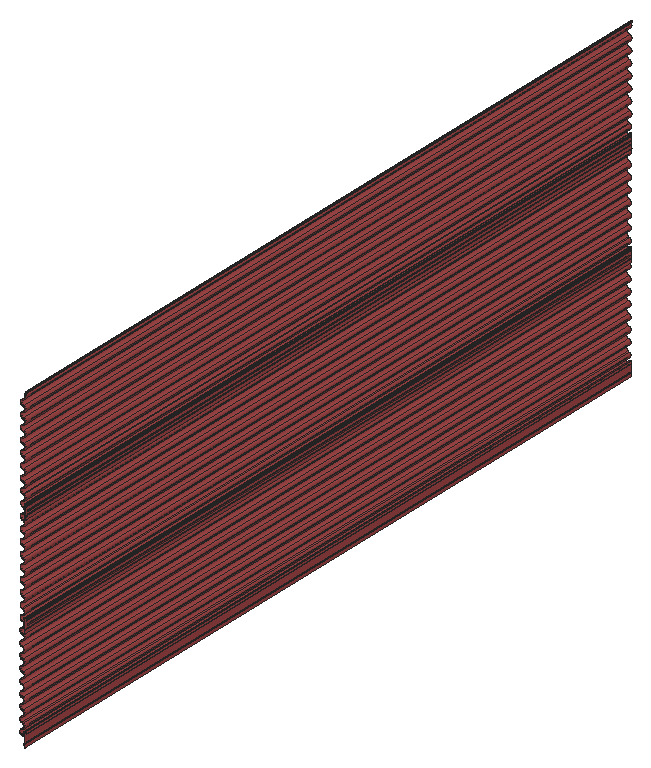
Revit family "HD045-2016.03.15-BT-Miniwave", category Generic Models, Revit 2016
Family settings
  Part Type = Normal
  Can host rebar = No
  Round Connector Dimension = Use Diameter
  Work Plane-Based = No
  Always vertical = Yes
  Cut with Voids When Loaded = No
  Shared = No
  Room Calculation Point = No
Parameters (values of type "Productos HD")
  URL = "http://www.hunterdouglas.cl"
  Distancia  entre apoyos = [Largo Panel (Editar Largo en tipo de panel)] - 200 mm  # 1200 mm
  Material = Metal
  Largo Panel (Editar Largo en tipo de panel) = 1400 mm
  ID_Source = "BIMTOOL"
  ID_Objeto = "BT_F_F_312"
  BT_Web_del_Producto = "http://www.hunterdouglas.cl"
  BT_Uso = "Exterior"
  BT_SKU = "00 00 00"
  BT_Profundidad = "Largo Máximo 6 mts"
  BT_Peso = "N/A"
  BT_Nombre_Tecnico = "Miniwave"
  BT_Nombre_Corto = "Miniwave"
  BT_Material = "Aluzinc"
  BT_MasterFormat® = "07 42 13"
  BT_Marca = "Hunter Douglas"
  BT_Linea = "A pedido"
  BT_Itemizado_Estandar_CDT = "D 01 08 04"
  BT_Fabricante = "Hunter Douglas"
  BT_Especialidad = "Arquitectura"
  BT_Elemento = "Paneles y Revestimientos verticales"
  BT_EETT = "Panel Miniwave de largo 6 mts  de metal"
  BT_Descripcion = "Miniwave"
  BT_Color = "100 colores a eleccion"
  BT_Codigo_Origen = "HD045"
  BT_Ancho = "Avance 275 mm"
  BT_Alto = "6 mts maximo"
Reference planes
  plane 1 "Center (Front/Back)": y = 0
  plane 2: z = 0
  plane 3 "Center (Left/Right)": x = 0
Dimensions and locks
  aligned and locked: level to plane 2
Nested families
  nested 1: "Panel Miniwave" at (-0.569, 0, 63.811), type "Panel Miniwave"
  nested 2: "Panel Miniwave" at (0.543, 0, 334.341), type "Panel Miniwave"
  nested 3: "Panel Miniwave" at (1.656, 0, 604.765), type "Panel Miniwave"
Definition of nested family "Panel Miniwave"
  Parameters (values of type "Panel Miniwave")
    Material = none
    LARGO = 2000 mm
  Reference planes
    plane 1 "Center (Front/Back)": y = 0
    plane 2: z = 0
    plane 3 "Center (Left/Right)": x = 0
  Forms (mm)
    Sweep 1, solid, material <- "Material"
      path origin (8389.982, -5085.706, 147.965) x (0, 1, 0) y (-1, 0, 0)
        loop
          line (6152.376, 8304.752) -> (4152.376, 8304.752)
      profile origin (85.23, 66.67, 147.965) x (1, 0, 0) y (0, 0, 1)
        loop
          arc (-51.18, 95.886) -> (-57.175, 88.16) -> (-51.202, 80.416) r 7.991
          arc (-51.202, 80.416) -> (-45.596, 73.154) -> (-51.209, 65.897) r 7.502
          arc (-51.209, 65.897) -> (-57.195, 58.157) -> (-51.211, 50.414) r 7.999
          arc (-51.211, 50.414) -> (-45.601, 43.156) -> (-51.212, 35.898) r 7.5
          arc (-51.212, 35.898) -> (-57.196, 28.156) -> (-51.212, 20.414) r 8
          arc (-51.212, 20.414) -> (-45.602, 13.156) -> (-51.212, 5.898) r 7.5
          arc (-51.212, 5.898) -> (-57.197, -1.844) -> (-51.212, -9.586) r 8
          arc (-51.212, -9.586) -> (-45.602, -16.844) -> (-51.212, -24.102) r 7.5
          arc (-51.212, -24.102) -> (-57.197, -31.844) -> (-51.212, -39.586) r 8
          arc (-51.212, -39.586) -> (-45.602, -46.844) -> (-51.212, -54.102) r 7.5
          arc (-51.212, -54.102) -> (-57.197, -61.844) -> (-51.212, -69.586) r 8
          arc (-51.212, -69.586) -> (-45.602, -76.844) -> (-51.212, -84.102) r 7.5
          arc (-51.212, -84.102) -> (-57.197, -91.844) -> (-51.212, -99.586) r 8
          arc (-51.212, -99.586) -> (-45.602, -106.844) -> (-51.212, -114.102) r 7.5
          arc (-51.212, -114.102) -> (-57.132, -120.828) -> (-53.098, -128.828) r 8
          line (-53.098, -128.828) -> (-49.367, -130.912)
          arc (-49.367, -130.912) -> (-45.869, -138.136) -> (-51.457, -143.897) r 7
          arc (-51.457, -143.897) -> (-57.183, -151.802) -> (-50.905, -159.277) r 7.932
          line (-50.905, -159.277) -> (-49.078, -159.665)
          arc (-49.078, -159.665) -> (-47.418, -159.266) -> (-46.683, -157.725) r 1.983
          line (-46.683, -157.725) -> (-46.683, -151.018)
          arc (-46.683, -151.018) -> (-46.187, -150.522) -> (-45.692, -151.018) r 0.496
          line (-45.692, -151.018) -> (-45.692, -176.949)
          arc (-45.692, -176.949) -> (-45.697, -177.387) -> (-45.95, -177.745) r 0.735
          arc (-45.95, -177.745) -> (-46.921, -178.66) -> (-46.102, -179.713) r 0.992
          arc (-46.102, -179.713) -> (-45.801, -180.043) -> (-45.692, -180.477) r 0.915
          line (-45.692, -180.477) -> (-45.692, -187.708) -> (-44.858, -187.708) -> (-45.196, -186.984) -> (-45.196, -180.202)
          arc (-45.196, -180.202) -> (-45.429, -179.564) -> (-46.018, -179.225) r 0.992
          arc (-46.018, -179.225) -> (-46.428, -178.737) -> (-46.018, -178.248) r 0.496
          arc (-46.018, -178.248) -> (-45.429, -177.909) -> (-45.196, -177.271) r 0.992
          line (-45.196, -177.271) -> (-45.196, -151.018)
          arc (-45.196, -151.018) -> (-46.187, -150.026) -> (-47.179, -151.018) r 0.992
          line (-47.179, -151.018) -> (-47.179, -157.725)
          arc (-47.179, -157.725) -> (-47.73, -158.881) -> (-48.975, -159.18) r 1.487
          line (-48.975, -159.18) -> (-50.802, -158.792)
          arc (-50.802, -158.792) -> (-56.686, -151.817) -> (-51.382, -144.392) r 7.436
          arc (-51.382, -144.392) -> (-45.377, -138.225) -> (-49.123, -130.476) r 7.5
          line (-49.123, -130.476) -> (-52.854, -128.392)
          arc (-52.854, -128.392) -> (-56.636, -120.892) -> (-51.086, -114.586) r 7.5
          arc (-51.086, -114.586) -> (-45.102, -106.844) -> (-51.086, -99.102) r 8
          arc (-51.086, -99.102) -> (-56.697, -91.844) -> (-51.086, -84.586) r 7.5
          arc (-51.086, -84.586) -> (-45.102, -76.844) -> (-51.086, -69.102) r 8
          arc (-51.086, -69.102) -> (-56.697, -61.844) -> (-51.086, -54.586) r 7.5
          arc (-51.086, -54.586) -> (-45.102, -46.844) -> (-51.086, -39.102) r 8
          arc (-51.086, -39.102) -> (-56.697, -31.844) -> (-51.086, -24.586) r 7.5
          arc (-51.086, -24.586) -> (-45.102, -16.844) -> (-51.086, -9.102) r 8
          arc (-51.086, -9.102) -> (-56.697, -1.844) -> (-51.086, 5.414) r 7.5
          arc (-51.086, 5.414) -> (-45.102, 13.156) -> (-51.086, 20.898) r 8
          arc (-51.086, 20.898) -> (-56.697, 28.156) -> (-51.086, 35.414) r 7.5
          arc (-51.086, 35.414) -> (-45.101, 43.156) -> (-51.086, 50.898) r 8
          arc (-51.086, 50.898) -> (-56.696, 58.156) -> (-51.084, 65.414) r 7.5
          arc (-51.084, 65.414) -> (-45.098, 73.155) -> (-51.08, 80.899) r 8.001
          arc (-51.08, 80.899) -> (-56.685, 88.161) -> (-51.066, 95.411) r 7.497
          arc (-51.066, 95.411) -> (-45.34, 101.002) -> (-47.266, 108.77) r 8.051
          arc (-47.266, 108.77) -> (-47.552, 109.198) -> (-47.331, 109.663) r 0.52
          line (-47.331, 109.663) -> (-45.309, 111.069)
          arc (-45.309, 111.069) -> (-44.996, 111.424) -> (-44.883, 111.883) r 0.992
          line (-44.883, 111.883) -> (-44.883, 115.424) -> (-44.561, 116.197) -> (-45.379, 116.197) -> (-45.379, 111.624) -> (-47.614, 110.07)
          arc (-47.614, 110.07) -> (-48.031, 109.383) -> (-47.803, 108.613) r 0.992
          arc (-47.803, 108.613) -> (-45.767, 101.261) -> (-51.18, 95.886) r 7.552
  Dimensions and locks
    "LARGO": Sweep 1 sketch curve to Sweep 1 sketch curve
    "LARGO": Sweep 1 to Sweep 1
    aligned and locked: level to plane 2
  Automatic sketch dimensions
    Sweep 1 sketch curve to Sweep 1 sketch curve = 0.005 mm  (x2)
    Sweep 1 sketch curve to Sweep 1 sketch curve = 0.016 mm
    Sweep 1 sketch curve to Sweep 1 sketch curve = 0.007 mm
    Sweep 1 sketch curve to Sweep 1 sketch curve = 0 mm  (x55)
    Sweep 1 sketch curve to Sweep 1 sketch curve = 0.002 mm
    Sweep 1 sketch curve to Sweep 1 sketch curve = 0.001 mm
    profile plane to Sweep 1 sketch curve = 53.102 mm  (x2)
    profile plane to Sweep 1 sketch curve = 13.156 mm
    profile plane to Sweep 1 sketch curve = 53.083 mm
    Sweep 1 sketch curve to Sweep 1 sketch curve = 0.015 mm
    Sweep 1 sketch curve to Sweep 1 sketch curve = 0.004 mm
    Sweep 1 sketch curve to Sweep 1 sketch curve = 0.244 mm  (x2)
    Sweep 1 sketch curve to Sweep 1 sketch curve = 0.317 mm
    Sweep 1 sketch curve to Sweep 1 sketch curve = 1.875 mm
    Sweep 1 sketch curve to Sweep 1 sketch curve = 0.103 mm  (x2)
    Sweep 1 sketch curve to Sweep 1 sketch curve = 3.731 mm
    Sweep 1 sketch curve to Sweep 1 sketch curve = 1.546 mm
    Sweep 1 sketch curve to Sweep 1 sketch curve = 3.905 mm  (x5)
    Sweep 1 sketch curve to Sweep 1 sketch curve = 3.657 mm
    Sweep 1 sketch curve to Sweep 1 sketch curve = 3.904 mm
    Sweep 1 sketch curve to profile plane = 1.844 mm
    Sweep 1 sketch curve to Sweep 1 sketch curve = 3.899 mm
    Sweep 1 sketch curve to Sweep 1 sketch curve = 1.827 mm
    Sweep 1 sketch curve to Sweep 1 sketch curve = 0.309 mm
    Sweep 1 sketch curve to Sweep 1 sketch curve = 5.453 mm
    Sweep 1 sketch curve to Sweep 1 sketch curve = 0.283 mm  (x2)
    Sweep 1 sketch curve to Sweep 1 sketch curve = 0.014 mm
    Sweep 1 sketch curve to Sweep 1 sketch curve = 2.077 mm
    Sweep 1 sketch curve to Sweep 1 sketch curve = 0.496 mm  (x6)
    Sweep 1 sketch curve to Sweep 1 sketch curve = 2.472 mm
    Sweep 1 sketch curve to Sweep 1 sketch curve = 0.21 mm
    Sweep 1 sketch curve to Sweep 1 sketch curve = 0.419 mm
    Sweep 1 sketch curve to Sweep 1 sketch curve = 0.209 mm
    Sweep 1 sketch curve to Sweep 1 sketch curve = 1.739 mm
    Sweep 1 sketch curve to Sweep 1 sketch curve = 0.255 mm
    Sweep 1 sketch curve to Sweep 1 sketch curve = 0.07 mm
    Sweep 1 sketch curve to Sweep 1 sketch curve = 0.338 mm
    Sweep 1 sketch curve to Sweep 1 sketch curve = 15 mm  (x11)
    Sweep 1 sketch curve to Sweep 1 sketch curve = 6.548 mm
    Sweep 1 sketch curve to Sweep 1 sketch curve = 0.437 mm  (x2)
    Sweep 1 sketch curve to Sweep 1 sketch curve = 2.084 mm
    Sweep 1 sketch curve to Sweep 1 sketch curve = 6.111 mm
    Sweep 1 sketch curve to Sweep 1 sketch curve = 13.994 mm
    Sweep 1 sketch curve to Sweep 1 sketch curve = 0.5 mm
    Sweep 1 sketch curve to Sweep 1 sketch curve = 6.207 mm
    Sweep 1 sketch curve to Sweep 1 sketch curve = 0.388 mm
    Sweep 1 sketch curve to Sweep 1 sketch curve = 0.485 mm
    Sweep 1 sketch curve to Sweep 1 sketch curve = 17.495 mm
    Sweep 1 sketch curve to Sweep 1 sketch curve = 0.111 mm
    Sweep 1 sketch curve to Sweep 1 sketch curve = 1.465 mm  (x2)
    Sweep 1 sketch curve to Sweep 1 sketch curve = 0.275 mm
    Sweep 1 sketch curve to Sweep 1 sketch curve = 6.507 mm
    Sweep 1 sketch curve to Sweep 1 sketch curve = 0.725 mm
    Sweep 1 sketch curve to Sweep 1 sketch curve = 15.001 mm
    Sweep 1 sketch curve to Sweep 1 sketch curve = 14.99 mm
    Sweep 1 sketch curve to Sweep 1 sketch curve = 15.045 mm
    Sweep 1 sketch curve to Sweep 1 sketch curve = 6.038 mm
    Sweep 1 sketch curve to Sweep 1 sketch curve = 0.02 mm
    Sweep 1 sketch curve to Sweep 1 sketch curve = 0.407 mm  (x2)
    Sweep 1 sketch curve to Sweep 1 sketch curve = 1.407 mm
    Sweep 1 sketch curve to Sweep 1 sketch curve = 0.259 mm
    Sweep 1 sketch curve to Sweep 1 sketch curve = 4.313 mm
    profile plane to Sweep 1 sketch curve = 5.898 mm
    Sweep 1 sketch curve to Sweep 1 sketch curve = 1.89 mm  (x5)
    Sweep 1 sketch curve to Sweep 1 sketch curve = 1.903 mm
    Sweep 1 sketch curve to Sweep 1 sketch curve = 1.889 mm
    Sweep 1 sketch curve to Sweep 1 sketch curve = 0.126 mm  (x6)
    Sweep 1 sketch curve to Sweep 1 sketch curve = 0.122 mm
    Sweep 1 sketch curve to Sweep 1 sketch curve = 0.114 mm
    Sweep 1 sketch curve to Sweep 1 sketch curve = 0.085 mm
    Sweep 1 sketch curve to Sweep 1 sketch curve = 0.067 mm
    Sweep 1 sketch curve to Sweep 1 sketch curve = 0.322 mm
    Sweep 1 sketch curve to Sweep 1 sketch curve = 0.773 mm
    plane 3 "Center (Left/Right)" to Sweep 1 sketch curve = 85.23 mm
    plane 1 "Center (Front/Back)" to Sweep 1 sketch curve = 933.33 mm
